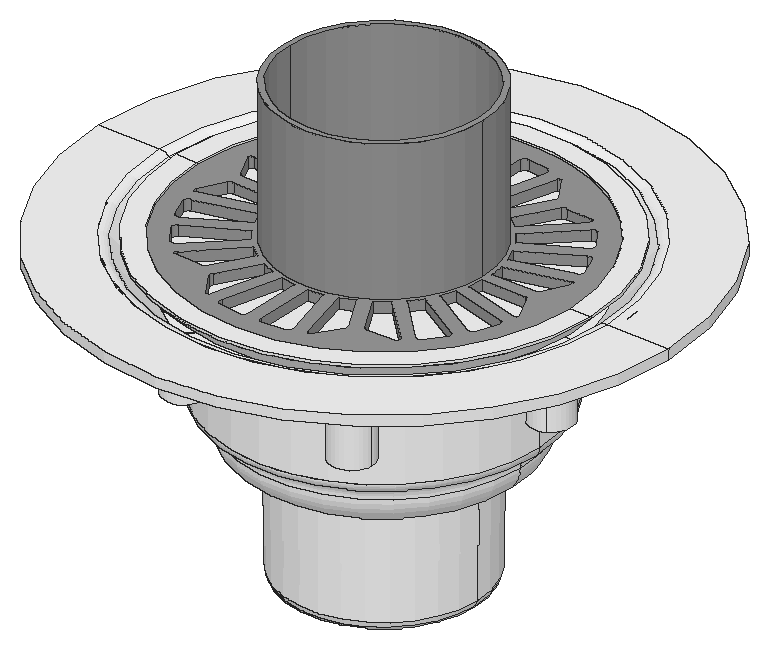
Revit family "3000.115 Down Pipe Junction", category Plumbing Fixtures, Revit 2016
Family settings
  Part Type = Normal
  Round Connector Dimension = Use Diameter
  OmniClass Number = 23.13.41.39
  OmniClass Title = Roof Drains
  Work Plane-Based = No
  Always vertical = Yes
  Cut with Voids When Loaded = No
  Shared = No
  Room Calculation Point = No
Parameters (values of type "80x80")
  Waste Connection = yes
  Vent Connection = no
  URL = "www.aquaknight.co.nz"
  Phone = "+6498322214"  # constant formula
  Model = "3000.115"
  Manufacturer = "Aquanight Industries Ltd"  # constant formula
  HW Connection = no
  Email = "info@aquaknight.co.nz"  # constant formula
  Description = "DownPipe Junction 80x80 vented"
  Connector Diameter = 80 mm
  CW Connection = no
Reference planes
  plane 1 "Center (Front/Back)": y = 0
  plane 2: z = 0
  plane 3 "Center (Left/Right)": x = 0
  plane 4: z = -98.753
Forms (mm)
  Revolve 1, solid, material "Plastic, Glossy White"
    sketch origin (0, 0, -4) x (1, 0, 0) y (0, 0, 1)
      loop
        line (72.865, -12.5) -> (58.876, -12.5) -> (58.545, -50.494)
        arc (58.545, -50.494) -> (53.358, -54.057) -> (51.326, -60.012) r 10
        arc (51.326, -60.012) -> (49.201, -65.373) -> (44.024, -67.912) r 8
        line (44.024, -67.912) -> (39.709, -68.289)
        arc (39.709, -68.289) -> (35.83, -70.193) -> (34.235, -74.209) r 6
        line (34.235, -74.209) -> (33.849, -117.432) -> (35.798, -117.432)
        arc (35.798, -117.432) -> (36.673, -117.149) -> (37.217, -116.408) r 1.5
        line (37.217, -116.408) -> (37.876, -114.432) -> (38.235, -74.246)
        arc (38.235, -74.246) -> (38.768, -72.907) -> (40.063, -72.274) r 2
        line (40.063, -72.274) -> (44.372, -71.897)
        arc (44.372, -71.897) -> (52.138, -68.088) -> (55.326, -60.047) r 12
        arc (55.326, -60.047) -> (56.608, -56.392) -> (59.856, -54.282) r 6
        arc (59.856, -54.282) -> (62.032, -52.862) -> (62.876, -50.404) r 4
        line (62.876, -50.404) -> (62.876, -19.5) -> (74.07, -19.5)
        arc (74.07, -19.5) -> (76.898, -18.328) -> (78.07, -15.5) r 4
        line (78.07, -15.5) -> (78.07, -13.768)
        arc (78.07, -13.768) -> (78.244, -12.852) -> (78.742, -12.063) r 2.5
        line (78.742, -12.063) -> (89.249, -0.795)
        arc (89.249, -0.795) -> (90.081, -0.207) -> (91.078, 0) r 2.5
        line (91.078, 0) -> (115.126, 0) -> (115.126, 4) -> (90.425, 4)
        arc (90.425, 4) -> (88.432, 3.585) -> (86.769, 2.41) r 5
        line (86.769, 2.41) -> (72.865, -12.5)
      loop
        line (36.626, -4.5) -> (75.626, -4.5) -> (83.653, 3.527) -> (83.653, 4.5) -> (75.376, 4.5) -> (75.376, 0) -> (36.626, 0) -> (36.626, -4.5)
      axis (0, 4.5) -> (0, -117.432)
    angle from 0 to 360
  Extrusion 2, solid, material "Plastic, Glossy White", detail levels fine
    sketch origin (0, 0, -4) x (1, 0, 0) y (0, 1, 0)
      loop
        circle (67.55, 0) r 8.2
      loop
        circle (33.775, 58.5) r 8.2
      loop
        circle (33.775, -58.5) r 8.2
      loop
        circle (-67.55, 0) r 8.2
      loop
        circle (-33.775, 58.5) r 8.2
      loop
        circle (-33.775, -58.5) r 8.2
    from -38.379 to -12.5
  Extrusion 3, solid, material "Stainless Steel", detail levels medium+fine
    sketch origin (0, -279.02, 0) x (1, 0, 0) y (0, 1, 0)
      loop
        circle (0, 279.02) r 75.25
      loop
        arc (-48.082, 323.341) -> (-49.566, 323.922) -> (-51.004, 323.234) r 2
        arc (-51.004, 323.234) -> (-53.647, 319.987) -> (-56.083, 316.583) r 67.5
        arc (-56.083, 316.583) -> (-56.369, 315.014) -> (-55.417, 313.735) r 2
        line (-55.417, 313.735) -> (-34.892, 301.946)
        arc (-34.892, 301.946) -> (-33.181, 304.359) -> (-31.304, 306.645) r 41.75
        line (-31.304, 306.645) -> (-48.082, 323.341)
      loop
        arc (-57.908, 309.4) -> (-59.492, 309.577) -> (-60.703, 308.54) r 2
        arc (-60.703, 308.54) -> (-62.416, 304.721) -> (-63.889, 300.802) r 67.5
        arc (-63.889, 300.802) -> (-63.759, 299.213) -> (-62.51, 298.224) r 2
        line (-62.51, 298.224) -> (-39.634, 292.143)
        arc (-39.634, 292.143) -> (-38.605, 294.916) -> (-37.383, 297.61) r 41.75
        line (-37.383, 297.61) -> (-57.908, 309.4)
      loop
        arc (-64.248, 293.512) -> (-65.282, 293.177) -> (-65.398, 292.096) r 1
        line (-65.398, 292.096) -> (-60.556, 282.49)
        arc (-60.556, 282.49) -> (-59.817, 281.686) -> (-58.765, 281.39) r 2
        line (-58.765, 281.39) -> (-41.68, 281.428)
        arc (-41.68, 281.428) -> (-41.404, 284.383) -> (-40.919, 287.311) r 41.75
        line (-40.919, 287.311) -> (-64.248, 293.512)
      loop
        arc (-19.573, 341.906) -> (-20.38, 342.634) -> (-21.375, 342.195) r 1
        line (-21.375, 342.195) -> (-27.273, 333.198)
        arc (-27.273, 333.198) -> (-27.599, 332.156) -> (-27.33, 331.098) r 2
        line (-27.33, 331.098) -> (-18.755, 316.32)
        arc (-18.755, 316.32) -> (-16.058, 317.559) -> (-13.279, 318.602) r 41.75
        line (-13.279, 318.602) -> (-19.573, 341.906)
      loop
        arc (-8.452, 319.906) -> (-5.536, 320.401) -> (-2.592, 320.69) r 41.75
        line (-2.592, 320.69) -> (-2.644, 344.36)
        arc (-2.644, 344.36) -> (-3.283, 345.82) -> (-4.786, 346.35) r 2
        arc (-4.786, 346.35) -> (-8.951, 345.924) -> (-13.081, 345.241) r 67.5
        arc (-13.081, 345.241) -> (-14.392, 344.334) -> (-14.624, 342.757) r 2
        line (-14.624, 342.757) -> (-8.452, 319.906)
      loop
        line (-45.127, 327.077) -> (-28.017, 310.05)
        arc (-28.017, 310.05) -> (-25.733, 311.944) -> (-23.319, 313.672) r 41.75
        line (-23.319, 313.672) -> (-31.895, 328.449)
        arc (-31.895, 328.449) -> (-32.68, 329.208) -> (-33.747, 329.441) r 2
        line (-33.747, 329.441) -> (-44.484, 328.785)
        arc (-44.484, 328.785) -> (-45.359, 328.139) -> (-45.127, 327.077) r 1
      loop
        line (48.082, 323.341) -> (31.304, 306.645)
        arc (31.304, 306.645) -> (33.181, 304.359) -> (34.892, 301.946) r 41.75
        line (34.892, 301.946) -> (55.417, 313.735)
        arc (55.417, 313.735) -> (56.369, 315.014) -> (56.083, 316.583) r 2
        arc (56.083, 316.583) -> (53.647, 319.987) -> (51.004, 323.234) r 67.5
        arc (51.004, 323.234) -> (49.566, 323.922) -> (48.082, 323.341) r 2
      loop
        line (57.908, 309.4) -> (37.383, 297.61)
        arc (37.383, 297.61) -> (38.605, 294.916) -> (39.634, 292.143) r 41.75
        line (39.634, 292.143) -> (62.51, 298.224)
        arc (62.51, 298.224) -> (63.759, 299.213) -> (63.889, 300.802) r 2
        arc (63.889, 300.802) -> (62.416, 304.721) -> (60.703, 308.54) r 67.5
        arc (60.703, 308.54) -> (59.492, 309.577) -> (57.908, 309.4) r 2
      loop
        line (64.248, 293.512) -> (40.919, 287.311)
        arc (40.919, 287.311) -> (41.404, 284.383) -> (41.68, 281.428) r 41.75
        line (41.68, 281.428) -> (58.765, 281.39)
        arc (58.765, 281.39) -> (59.817, 281.686) -> (60.556, 282.49) r 2
        line (60.556, 282.49) -> (65.398, 292.096)
        arc (65.398, 292.096) -> (65.282, 293.177) -> (64.248, 293.512) r 1
      loop
        line (19.573, 341.906) -> (13.279, 318.602)
        arc (13.279, 318.602) -> (16.058, 317.559) -> (18.755, 316.32) r 41.75
        line (18.755, 316.32) -> (27.33, 331.098)
        arc (27.33, 331.098) -> (27.599, 332.156) -> (27.273, 333.198) r 2
        line (27.273, 333.198) -> (21.375, 342.195)
        arc (21.375, 342.195) -> (20.38, 342.634) -> (19.573, 341.906) r 1
      loop
        line (8.452, 319.906) -> (14.624, 342.757)
        arc (14.624, 342.757) -> (14.392, 344.334) -> (13.081, 345.241) r 2
        arc (13.081, 345.241) -> (8.951, 345.924) -> (4.786, 346.35) r 67.5
        arc (4.786, 346.35) -> (3.283, 345.82) -> (2.644, 344.36) r 2
        line (2.644, 344.36) -> (2.592, 320.69)
        arc (2.592, 320.69) -> (5.536, 320.401) -> (8.452, 319.906) r 41.75
      loop
        arc (45.127, 327.077) -> (45.359, 328.139) -> (44.484, 328.785) r 1
        line (44.484, 328.785) -> (33.747, 329.441)
        arc (33.747, 329.441) -> (32.68, 329.208) -> (31.895, 328.449) r 2
        line (31.895, 328.449) -> (23.319, 313.672)
        arc (23.319, 313.672) -> (25.733, 311.944) -> (28.017, 310.05) r 41.75
        line (28.017, 310.05) -> (45.127, 327.077)
      loop
        line (-48.082, 234.699) -> (-31.304, 251.395)
        arc (-31.304, 251.395) -> (-33.181, 253.681) -> (-34.892, 256.094) r 41.75
        line (-34.892, 256.094) -> (-55.417, 244.305)
        arc (-55.417, 244.305) -> (-56.369, 243.026) -> (-56.083, 241.457) r 2
        arc (-56.083, 241.457) -> (-53.647, 238.053) -> (-51.004, 234.806) r 67.5
        arc (-51.004, 234.806) -> (-49.566, 234.118) -> (-48.082, 234.699) r 2
      loop
        line (-57.908, 248.64) -> (-37.383, 260.43)
        arc (-37.383, 260.43) -> (-38.605, 263.124) -> (-39.634, 265.897) r 41.75
        line (-39.634, 265.897) -> (-62.51, 259.816)
        arc (-62.51, 259.816) -> (-63.759, 258.827) -> (-63.889, 257.238) r 2
        arc (-63.889, 257.238) -> (-62.416, 253.319) -> (-60.703, 249.5) r 67.5
        arc (-60.703, 249.5) -> (-59.492, 248.463) -> (-57.908, 248.64) r 2
      loop
        line (-64.248, 264.528) -> (-40.919, 270.729)
        arc (-40.919, 270.729) -> (-41.404, 273.657) -> (-41.68, 276.612) r 41.75
        line (-41.68, 276.612) -> (-58.765, 276.65)
        arc (-58.765, 276.65) -> (-59.817, 276.354) -> (-60.556, 275.55) r 2
        line (-60.556, 275.55) -> (-65.398, 265.944)
        arc (-65.398, 265.944) -> (-65.282, 264.863) -> (-64.248, 264.528) r 1
      loop
        line (-19.573, 216.134) -> (-13.279, 239.438)
        arc (-13.279, 239.438) -> (-16.058, 240.482) -> (-18.755, 241.72) r 41.75
        line (-18.755, 241.72) -> (-27.33, 226.943)
        arc (-27.33, 226.943) -> (-27.599, 225.884) -> (-27.273, 224.842) r 2
        line (-27.273, 224.842) -> (-21.375, 215.845)
        arc (-21.375, 215.845) -> (-20.38, 215.406) -> (-19.573, 216.134) r 1
      loop
        line (-8.452, 238.135) -> (-14.624, 215.283)
        arc (-14.624, 215.283) -> (-14.392, 213.706) -> (-13.081, 212.8) r 2
        arc (-13.081, 212.8) -> (-8.951, 212.116) -> (-4.786, 211.69) r 67.5
        arc (-4.786, 211.69) -> (-3.283, 212.22) -> (-2.644, 213.68) r 2
        line (-2.644, 213.68) -> (-2.592, 237.351)
        arc (-2.592, 237.351) -> (-5.536, 237.639) -> (-8.452, 238.135) r 41.75
      loop
        arc (-45.127, 230.963) -> (-45.359, 229.901) -> (-44.484, 229.255) r 1
        line (-44.484, 229.255) -> (-33.747, 228.599)
        arc (-33.747, 228.599) -> (-32.68, 228.832) -> (-31.895, 229.591) r 2
        line (-31.895, 229.591) -> (-23.319, 244.368)
        arc (-23.319, 244.368) -> (-25.733, 246.096) -> (-28.017, 247.99) r 41.75
        line (-28.017, 247.99) -> (-45.127, 230.963)
      loop
        arc (48.082, 234.699) -> (49.566, 234.118) -> (51.004, 234.806) r 2
        arc (51.004, 234.806) -> (53.647, 238.053) -> (56.083, 241.457) r 67.5
        arc (56.083, 241.457) -> (56.369, 243.026) -> (55.417, 244.305) r 2
        line (55.417, 244.305) -> (34.892, 256.094)
        arc (34.892, 256.094) -> (33.181, 253.681) -> (31.304, 251.395) r 41.75
        line (31.304, 251.395) -> (48.082, 234.699)
      loop
        arc (57.908, 248.64) -> (59.492, 248.463) -> (60.703, 249.5) r 2
        arc (60.703, 249.5) -> (62.416, 253.319) -> (63.889, 257.238) r 67.5
        arc (63.889, 257.238) -> (63.759, 258.827) -> (62.51, 259.816) r 2
        line (62.51, 259.816) -> (39.634, 265.897)
        arc (39.634, 265.897) -> (38.605, 263.124) -> (37.383, 260.43) r 41.75
        line (37.383, 260.43) -> (57.908, 248.64)
      loop
        arc (64.248, 264.528) -> (65.282, 264.863) -> (65.398, 265.944) r 1
        line (65.398, 265.944) -> (60.556, 275.55)
        arc (60.556, 275.55) -> (59.817, 276.354) -> (58.765, 276.65) r 2
        line (58.765, 276.65) -> (41.68, 276.612)
        arc (41.68, 276.612) -> (41.404, 273.657) -> (40.919, 270.729) r 41.75
        line (40.919, 270.729) -> (64.248, 264.528)
      loop
        arc (19.573, 216.134) -> (20.38, 215.406) -> (21.375, 215.845) r 1
        line (21.375, 215.845) -> (27.273, 224.842)
        arc (27.273, 224.842) -> (27.599, 225.884) -> (27.33, 226.943) r 2
        line (27.33, 226.943) -> (18.755, 241.72)
        arc (18.755, 241.72) -> (16.058, 240.482) -> (13.279, 239.438) r 41.75
        line (13.279, 239.438) -> (19.573, 216.134)
      loop
        arc (8.452, 238.135) -> (5.536, 237.639) -> (2.592, 237.351) r 41.75
        line (2.592, 237.351) -> (2.644, 213.68)
        arc (2.644, 213.68) -> (3.283, 212.22) -> (4.786, 211.69) r 2
        arc (4.786, 211.69) -> (8.951, 212.116) -> (13.081, 212.8) r 67.5
        arc (13.081, 212.8) -> (14.392, 213.706) -> (14.624, 215.283) r 2
        line (14.624, 215.283) -> (8.452, 238.135)
      loop
        line (45.127, 230.963) -> (28.017, 247.99)
        arc (28.017, 247.99) -> (25.733, 246.096) -> (23.319, 244.368) r 41.75
        line (23.319, 244.368) -> (31.895, 229.591)
        arc (31.895, 229.591) -> (32.68, 228.832) -> (33.747, 228.599) r 2
        line (33.747, 228.599) -> (44.484, 229.255)
        arc (44.484, 229.255) -> (45.359, 229.901) -> (45.127, 230.963) r 1
      loop
        circle (0, 279.02) r 40
    from -4 to 0
  Extrusion 4, solid, material "Stainless Steel"
    sketch origin (0, 0, 0) x (1, 0, 0) y (0, 1, 0)
      loop
        circle (0, 0) r 37.876
      loop
        circle (0, 0) r 40
    from -14 to 56
Lines and regions (mm)
  model lines, detail levels fine
    curve 1: circle (53.5, 92.665, 0) r 4.5 normal (0, 0, 1)
    curve 2: circle (107, 0, 0) r 4.5 normal (0, 0, -1)
    curve 3: circle (53.5, -92.665, 0) r 4.5 normal (0, 0, -1)
    curve 4: circle (-53.5, 92.665, 0) r 4.5 normal (0, 0, -1)
    curve 5: circle (-107, 0, 0) r 4.5 normal (0, 0, 1)
    curve 6: circle (-53.5, -92.665, 0) r 4.5 normal (0, 0, 1)
Dimensions and locks
  level to plane 4 = 98.753 mm
  locked: connector elem to plane 1 "Center (Front/Back)" at 0
  locked: connector elem to plane 3 "Center (Left/Right)" at 0
  aligned and locked: level to plane 2
Connectors
  piping at (0, 0, -98.753), diameter 80, driven by "Connector Diameter"
    settings: on plane 4, index 1, connector inside diameter 609.6 mm, connector length 0 mm, flow factor 0, pipe flow 0.0 L/s, pressure drop 0.0 Pa, fitting loss kfactor 0, connector angle 0.00°, fixture units 0, engagement length 0 mm, angle of deflection 0.00°, flow configuration 0, flow direction 0, fitting loss method 0, system type 28, joint type 0, gender type 0, connector reference index -1, connector utility 0, adjustable connector no, is connector primary yes, connector description ""
